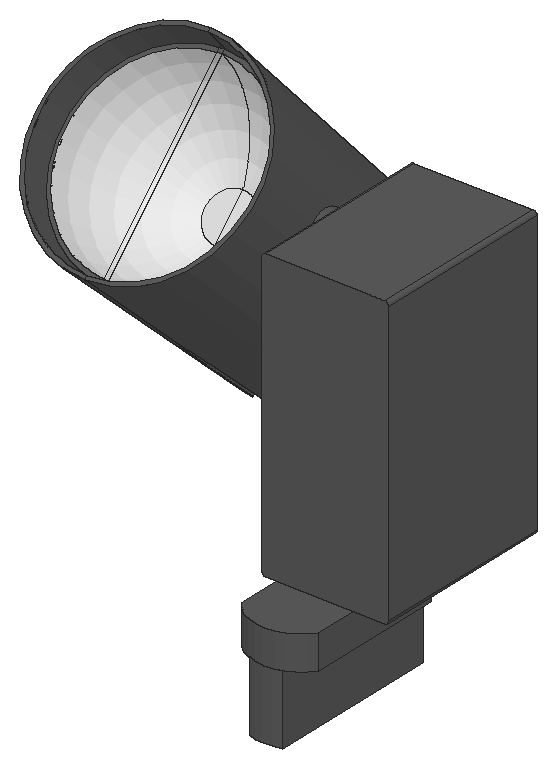
Revit family "0004947 Feilo Sylvania Lighting Fixture START TRACK SPOT S DALI 1359LM 940 MB BLK", category Lighting Fixtures, host Face, Revit 2017 (continued)
Definition of nested family "Start Track Spot Head"
  Types (96, lengths in mm): name | Wattage | built-in parameter 1150134 | Photometric Web File | Model | built-in parameter 1150105 | Lumens | built-in parameter 1150107 | built-in parameter 1150106 | HeadThickness_FEILO | HeadRibOffset_FEILO | HeadRibDepth_FEILO | HeadRibCutWidth_FEILO | HeadRibCutOffset_FEILO | HeadReflectorRadius_FEILO | HeadReflectorOffset_FEILO | HeadLEDRadius_FEILO | HeadHeight_FEILO | HeadDiffusorOffset_FEILO | HeadDiaOut_FEILO | HeadDiaIn_FEILO | HeadAxisFromTop_FEILO | Emit from Circle Diameter | built-in parameter 1150104 | Description | Apparent Load
    0004812 START TRACK SPOT S 14W 3K RA80 MB WHITE | 14 W | (empty or 0) | "0004812.ies" | "START TRACK SPOT S 14W 3K RA80 MB WHITE" | 120.32 (stored number, unit not read) | 1512 lm | 3000 (stored number, unit not read) | 1.2032 (stored number, unit not read) | 1.5 | 4.179 | 55.714 | 7.167 | 50.87 | 50.588 | 55.714 | 9.556 | 117 | 9.435 | 86 | 77.477 | 69.354 | 77.477 | 10.034 (stored number, unit not read) | "Integrated LED spotlight, Textured White - RAL9016, compact and minimalist design, ideal for retail applications, die-cast aluminium body, passive cooling heatsink. Beam angle: 36°, color temperature: 3000K , total system power: 14W, total fixture output: 1508 lm, LOR: 100%, colour rendering: Ra: 80 typical, LED Chromaticity: 3 step MacAdam ellipse, lifetime: >50000 hours at L70B50, energy class: A++, A+, A, IR/UV free light source without heat radiation, operating voltage: 220-240V / 50-60Hz, drive current: 350mA, electronic driver, non-dimmable, power factor: 0.92, electrical protection: Class II, Global Track 3 Phase adapter suitable for Global trac 3-circuit tracks, ingress protection rating: IP20, suitable for internal environment only, horizontal rotation: 355°, vertical tilt: 90°, dimensions: Ø86x140x200, weight: 0.940kg." | 14 VA
    0004811 START TRACK SPOT S 14W 3K RA80 NB WHITE | 14 W | (empty or 0) | "0004811.ies" | "START TRACK SPOT S 14W 3K RA80 NB WHITE" | 123.66 (stored number, unit not read) | 1554 lm | 3000 (stored number, unit not read) | 1.2366 (stored number, unit not read) | 1.5 | 4.179 | 55.714 | 7.167 | 50.87 | 50.588 | 55.714 | 9.556 | 117 | 9.435 | 86 | 77.477 | 69.354 | 77.477 | 10.312 (stored number, unit not read) | "Integrated LED spotlight, Textured White - RAL9016, compact and minimalist design, ideal for retail applications, die-cast aluminium body, passive cooling heatsink. Beam angle: 12°, color temperature: 3000K , total system power: 14W, total fixture output: 1551 lm, LOR: 100%, colour rendering: Ra: 80 typical, LED Chromaticity: 3 step MacAdam ellipse, lifetime: >50000 hours at L70B50, energy class: A++, A+, A, IR/UV free light source without heat radiation, operating voltage: 220-240V / 50-60Hz, drive current: 350mA, electronic driver, non-dimmable, power factor: 0.92, electrical protection: Class II, Global Track 3 Phase adapter suitable for Global trac 3-circuit tracks, ingress protection rating: IP20, suitable for internal environment only, horizontal rotation: 355°, vertical tilt: 90°, dimensions: Ø86x140x200, weight: 0.940kg." | 14 VA
  Reference planes
    plane 1 "Center (Front/Back)": y = 0
    plane 2: z = 0
    plane 3 "Center (Left/Right)": x = 0
    plane 4: x = 43
    plane 5: x = -43
    plane 6: x = -38.739
    plane 7: x = 38.739
    plane 8: z = 69.354
    plane 9: z = -47.646
    plane 10: x = -41.5
    plane 11: x = -37.239
    plane 12: z = -38.211
    plane 13: z = -35.211
    plane 14: z = 8.068
    plane 15: x = -9.556
    plane 16: x = -28.667
    plane 17: x = -19.111
    plane 18: x = -27.167
    plane 19: x = -17.611
    plane 20: x = -8.056
    plane 21: z = 13.64
    plane 22: x = -29.667
    plane 23: x = -26.167
    plane 24: x = -20.111
    plane 25: x = -16.611
    plane 26: x = -10.556
    plane 27: x = -7.056
    plane 28: x = -36.239
    plane 29: x = -40.5
    plane 30: z = 65.175
    plane 31: z = 60.997
    plane 32: z = 56.818
    plane 33: z = 18.484
    plane 34: y = -43
    plane 35: y = 43
    plane 36: y = 3.583
    plane 37: y = -3.583
    plane 38: y = -2.583
    plane 39: y = 2.583
    plane 40: y = 46
    plane 41: z = 13.5
    plane 42: z = -13.5
    plane 43: y = 39
    plane 44: x = 4.708
    plane 45: x = -2.458
    plane 46: x = -1.458
    plane 47: x = 1.458
  Forms (mm)
    Extrusion 1, solid
      sketch origin (4.2, 0, 0) x (1, 0, 0) y (0, 1, 0)
        loop
          line (-1219.2, 1219.2) -> (-1219.2, -1219.2) -> (1219.2, -1219.2) -> (1219.2, 1219.2) -> (-1219.2, 1219.2)
      from 0 to -68.017
    Revolve 2, solid, material <- "Material_1_FEILO", detail levels medium+fine
      sketch origin (0, 0, 0) x (1, 0, 0) y (0, 0, 1)
        loop
          line (-43, -47.646) -> (-41.5, -47.646) -> (-40.5, -35.211) -> (-38.739, -35.211)
          arc (-38.739, -35.211) -> (-30.16, -9.517) -> (-9.556, 8.068) r 50.588
          line (-9.556, 8.068) -> (0, 8.068) -> (0, 13.64) -> (-16.611, 13.64) -> (-17.611, 60.997) -> (-19.111, 60.997) -> (-20.111, 13.64) -> (-36.239, 13.64) -> (-37.239, 69.354) -> (-38.739, 69.354) -> (-43, -47.646)
        axis (0, 69.354) -> (0, -47.646)
      angle from 360 to 0
    Extrusion 3, void
      sketch origin (0, 0, 0) x (0, 1, 0) y (0, 0, 1)
        loop
          line (-3.583, 69.354) -> (-2.583, 18.484) -> (1.932, 18.484) -> (2.932, 69.354) -> (-3.583, 69.354)
      from 43 to -43
    Revolve 4, solid, material <- "Material_2_FEILO", detail levels medium+fine
      sketch origin (0, 0, 0) x (1, 0, 0) y (0, 0, 1)
        loop
          line (-41.5, -38.211) -> (0, -38.211) -> (0, -35.211) -> (-41.5, -35.211) -> (-41.5, -38.211)
        axis (0, -35.211) -> (0, -38.211)
      angle from 360 to 0
    Revolve 5, solid, material <- "Material_1_FEILO"
      sketch origin (0, 0, 0) x (0, 1, 0) y (0, 0, 1)
        loop
          line (46, 0) -> (39, 0) -> (39, -13.5) -> (46, -13.5) -> (46, 0)
        axis (39, 0) -> (46, 0)
      angle from 360 to 0
    Revolve 6, solid, material <- "Material_1_FEILO", detail levels medium+fine
      sketch origin (0, 0, 0) x (1, 0, 0) y (0, 0, 1)
        loop
          line (-29.667, 13.64) -> (-26.167, 13.64) -> (-27.167, 65.175) -> (-28.667, 65.175) -> (-29.667, 13.64)
        loop
          line (-10.556, 13.64) -> (-7.056, 13.64) -> (-7.833, 56.818) -> (-9.778, 56.818) -> (-10.556, 13.64)
        axis (0, 65.175) -> (0, 13.64)
      angle from 360 to 0
    Extrusion 7, void
      sketch origin (0, 0, 0) x (1, 0, 0) y (0, 0, 1)
        loop
          line (4.708, 69.354) -> (-2.458, 69.354) -> (-1.458, 13.64) -> (1.458, 13.64) -> (4.708, 69.354)
      from -43 to 43
    Revolve 8, solid, material <- "Material_1_FEILO", detail levels coarse
      sketch origin (0, 0, 0) x (1, 0, 0) y (0, 0, 1)
        loop
          line (0, 69.354) -> (-38.739, 69.354) -> (-43, -47.646) -> (-41.5, -47.646) -> (-40.731, -38.211) -> (0, -38.211) -> (0, 69.354)
        axis (0, 69.354) -> (0, -47.646)
      angle from 360 to 0
  Cuts and joins
    Extrusion 3 cuts Revolve 2
    Extrusion 7 cuts Revolve 6
  Dimensions and locks
    equal spacing: plane 7, plane 3 "Center (Left/Right)", plane 6
    equal spacing: plane 4, plane 3 "Center (Left/Right)", plane 5
    "HeadDiaOut_FEILO": plane 4 to plane 5
    "HeadDiaIn_FEILO": plane 7 to plane 6
    "HeadHeight_FEILO": plane 8 to plane 9
    "HeadThickness_FEILO": plane 10 to plane 5
    "HeadThickness_FEILO": plane 11 to plane 6
    "HeadDiffusorOffset_FEILO": plane 12 to plane 9
    "HeadDiffusorThickness_FEILO": plane 13 to plane 12
    "HeadReflectorOffset_FEILO": plane 14 to plane 9
    "HeadLEDRadius_FEILO": plane 3 "Center (Left/Right)" to plane 15
    "HeadLEDRadius_FEILO": plane 15 to plane 17
    "HeadLEDRadius_FEILO": plane 17 to plane 16
    "HeadThickness_FEILO": plane 18 to plane 16
    "HeadThickness_FEILO": plane 19 to plane 17
    "HeadThickness_FEILO": plane 20 to plane 15
    "HeadRibDepth_FEILO": plane 8 to plane 21
    "HeadDraft_FEILO": plane 16 to plane 22
    "HeadDraft_FEILO": plane 23 to plane 18
    "HeadDraft_FEILO": plane 17 to plane 24
    "HeadDraft_FEILO": plane 25 to plane 19
    "HeadDraft_FEILO": plane 15 to plane 26
    "HeadDraft_FEILO": plane 27 to plane 20
    "HeadDraft_FEILO": plane 29 to plane 10
    "HeadDraft_FEILO": plane 28 to plane 11
    "HeadRibOffset_FEILO": plane 8 to plane 30
    "HeadRibOffset_FEILO": plane 30 to plane 31
    "HeadRibOffset_FEILO": plane 31 to plane 32
    "HeadAxisFromTop_FEILO": plane 8 to plane 2
    "HeadRibCutOffset_FEILO": plane 8 to plane 33
    equal spacing: plane 34, plane 1 "Center (Front/Back)", plane 35
    "HeadDiaOut_FEILO": plane 34 to plane 35
    equal spacing: plane 38, plane 1 "Center (Front/Back)", plane 39
    equal spacing: plane 37, plane 1 "Center (Front/Back)", plane 36
    "HeadRibCutWidth_FEILO": plane 37 to plane 36
    "HeadDraft_FEILO": plane 37 to plane 38
    locked: plane 35 to plane 40 at 3
    equal spacing: plane 41, plane 2, plane 42
    locked: plane 42 to plane 41 at 27
    locked: plane 43 to plane 35 at 4
    equal spacing: plane 45, imposter light, plane 44
    "HeadDraft_FEILO": plane 46 to plane 45
    "HeadRibCutWidth_FEILO": plane 44 to plane 45
    equal spacing: plane 47, plane 3 "Center (Left/Right)", plane 46
    "HeadReflectorRadius_FEILO": radius of Revolve 2 sketch curve
    aligned and locked: plane 2 to Extrusion 1
    aligned and locked: level to Extrusion 1
    aligned and locked: Revolve 2 sketch curve to plane 3 "Center (Left/Right)"  (x2)
    aligned and locked: plane 9 to Revolve 2 sketch curve  (x2)
    aligned and locked: plane 5 to Revolve 2 sketch curve
    aligned and locked: plane 10 to Revolve 2 sketch curve
    aligned and locked: plane 14 to Revolve 2 sketch curve
    aligned and locked: plane 8 to Revolve 2 sketch curve
    aligned and locked: Revolve 2 sketch curve to plane 13
    aligned and locked: plane 12 to Revolve 4 sketch curve
    aligned and locked: plane 3 "Center (Left/Right)" to Revolve 4 sketch curve
    aligned and locked: Revolve 4 sketch curve to plane 10
    aligned and locked: Revolve 4 sketch curve to plane 3 "Center (Left/Right)"
    aligned and locked: plane 12 to imposter light
    aligned and locked: imposter light to plane 1 "Center (Front/Back)"
    aligned and locked: Revolve 5 sketch curve to plane 2
    aligned and locked: plane 43 to Revolve 5 sketch curve
    aligned and locked: plane 42 to Revolve 5 sketch curve
    aligned and locked: Revolve 6 sketch curve to plane 3 "Center (Left/Right)"
    aligned and locked: plane 22 to Revolve 6 sketch curve
    aligned and locked: plane 30 to Revolve 6 sketch curve
    aligned and locked: plane 23 to Revolve 6 sketch curve
    aligned and locked: Revolve 6 sketch curve to plane 21  (x2)
    aligned and locked: plane 21 to Revolve 6 sketch curve
    aligned and locked: plane 17 to Revolve 2 sketch curve
    aligned and locked: plane 19 to Revolve 2 sketch curve
    aligned and locked: plane 31 to Revolve 2 sketch curve
    aligned and locked: plane 21 to Revolve 2 sketch curve
    aligned and locked: Extrusion 3 to plane 8
    aligned and locked: plane 33 to Extrusion 3
    aligned and locked: plane 8 to Extrusion 3 sketch curve
    aligned and locked: Extrusion 3 sketch curve to plane 33
    aligned and locked: Extrusion 3 to plane 5
    aligned and locked: plane 4 to Extrusion 3
    aligned and locked: plane 32 to Revolve 6 sketch curve
    aligned and locked: plane 44 to Extrusion 7 sketch curve
    aligned and locked: Extrusion 7 sketch curve to plane 8
    aligned and locked: plane 46 to Extrusion 7 sketch curve
    aligned and locked: plane 21 to Extrusion 7 sketch curve
    aligned and locked: plane 34 to Extrusion 7
    aligned and locked: Extrusion 7 to plane 35
    aligned and locked: Revolve 4 sketch curve to plane 13
    aligned and locked: Revolve 5 sketch curve to plane 40
    aligned and locked: Revolve 8 sketch curve to plane 3 "Center (Left/Right)"
    aligned and locked: Revolve 8 sketch curve to cut or joined group of Revolve 2, Extrusion 3  (x3)
    aligned and locked: plane 5 to Revolve 8 sketch curve
    aligned and locked: plane 3 "Center (Left/Right)" to Revolve 8 sketch curve
    aligned and locked: plane 12 to Revolve 8 sketch curve
  Automatic sketch dimensions
    Extrusion 1 sketch curve to Extrusion 1 sketch curve = 2438.4 mm  (x2)
    Extrusion 3 sketch curve to plane 37 = 0 mm
    Extrusion 3 sketch curve to plane 38 = 0 mm
    plane 39 to Extrusion 3 sketch curve = 0.651 mm
    Extrusion 3 sketch curve to plane 39 = 0.349 mm
    Revolve 6 sketch curve to plane 16 = 0 mm
    Revolve 6 sketch curve to plane 18 = 0 mm
    Revolve 6 sketch curve to plane 26 = 0 mm
    Revolve 6 sketch curve to plane 27 = 0 mm
    Revolve 6 sketch curve to plane 15 = 0.222 mm
    plane 9 to Revolve 6 sketch curve = 559.103 mm
    Revolve 6 sketch curve to plane 8 = 2535.555 mm
    plane 20 to Revolve 6 sketch curve = 0.222 mm
    Revolve 2 sketch curve to plane 29 = 0 mm
    Revolve 2 sketch curve to plane 6 = 0 mm  (x2)
    Revolve 2 sketch curve to plane 11 = 0 mm
    Revolve 2 sketch curve to plane 21 = 0 mm
    Revolve 2 sketch curve to plane 28 = 0 mm
    Revolve 2 sketch curve to plane 24 = 0 mm
    Revolve 2 sketch curve to plane 25 = 0 mm
    Revolve 2 sketch curve to plane 15 = 0 mm
    Revolve 2 sketch curve to Revolve 2 sketch curve = 557.155 mm
    Revolve 2 sketch curve to plane 8 = 2535.558 mm
    Extrusion 7 sketch curve to plane 45 = 0 mm
    Extrusion 7 sketch curve to plane 47 = 0 mm
    plane 9 to Revolve 4 sketch curve = 559.103 mm
    Revolve 4 sketch curve to plane 8 = 2535.555 mm
    Revolve 5 sketch curve to level = 0 mm
    plane 34 to Revolve 5 sketch curve = 1968.092 mm
    Revolve 5 sketch curve to plane 40 = 1405.763 mm
    Revolve 8 sketch curve to plane 6 = 0 mm
    Revolve 8 sketch curve to plane 29 = 0.231 mm
    plane 9 to Revolve 8 sketch curve = 559.103 mm
    Revolve 8 sketch curve to Revolve 8 sketch curve = 2535.555 mm
Definition of nested family "Start Track Spot Box"
  Parameters (values of type "Type Large White")
    URL = "http://www.feilosylvania.com"
    Type Image = (empty or 0)
    Type Comments = "n/a"
    Small_FEILO = no
    Material_3_FEILO = none
    Model = ""
    Manufacturer = "Feilo Sylvania"
    Keynote = ""
    Material_2_FEILO = none
    Description = ""
    Default Elevation = 1219.2 mm
    Cost = 0
    Material_1_FEILO = none
    BoxWidth_FEILO = 49 mm
    BoxStartAngle_FEILO [instance] = 0.00°
    BoxRadius_FEILO = 1.5 mm
    BoxHeight_FEILO = if(Small_FEILO, 112 mm, 136 mm)  # 136 mm
    BoxEndAngle_FEILO [instance] = BoxStartAngle_FEILO - 180.00°  # -180.00°
    BoxDepth_FEILO = if(Small_FEILO, 71.5 mm, 79 mm)  # 79 mm
    BoxAxisVerticalOffset_FEILO = 16 mm
    BoxAxisOffset_FEILO = BoxHeight_FEILO / 6.8  # 20 mm
    Assembly Code = ""
    Material_4_FEILO = none
  Types (4, lengths in mm): name | Small_FEILO | BoxHeight_FEILO | BoxDepth_FEILO | BoxAxisOffset_FEILO
    Type Large White | no | 136 | 79 | 20
    Type Small White | yes | 112 | 71.5 | 16.471
    Type Small Black | yes | 112 | 71.5 | 16.471
    Type Large Black | no | 136 | 79 | 20
  Reference planes
    plane 1 "Center (Front/Back)": y = 0
    plane 2: z = 0
    plane 3 "Center (Left/Right)": x = 0
    plane 4: x = 24.5
    plane 5: x = -24.5
    plane 6: y = 68
    plane 7: y = -68
    plane 8: z = 39.5
    plane 9: z = -39.5
    plane 10: y = -48
    plane 11: x = 30.5
    plane 12: x = 8.5
    plane 13: x = 21.5
    plane 14: y = 70
    plane 15: y = 72
    plane 16: x = 19.5
  Forms (mm)
    Extrusion 1, solid
      sketch origin (4.2, 0, 0) x (1, 0, 0) y (0, 1, 0)
        loop
          line (-1219.2, 1219.2) -> (-1219.2, -1219.2) -> (1219.2, -1219.2) -> (1219.2, 1219.2) -> (-1219.2, 1219.2)
      from 0 to -68.017
    Extrusion 2, solid, material <- "Material_1_FEILO"
      sketch origin (0, 0, 0) x (1, 0, 0) y (0, 1, 0)
        loop
          arc (-23, 68) -> (-24.061, 67.561) -> (-24.5, 66.5) r 1.5
          line (-24.5, 66.5) -> (-24.5, -66.5)
          arc (-24.5, -66.5) -> (-24.061, -67.561) -> (-23, -68) r 1.5
          line (-23, -68) -> (23, -68)
          arc (23, -68) -> (24.061, -67.561) -> (24.5, -66.5) r 1.5
          line (24.5, -66.5) -> (24.5, 66.5)
          arc (24.5, 66.5) -> (24.061, 67.561) -> (23, 68) r 1.5
          line (23, 68) -> (-23, 68)
      from -39.5 to 39.5
    Revolve 3, solid, not visible
      sketch origin (0, 0, 0) x (1, 0, 0) y (0, 1, 0)
        loop
          line (30.5, -48) -> (24.5, -48) -> (24.5, -68) -> (30.5, -68) -> (30.5, -48)
        axis (30.5, -48) -> (24.5, -48)
      angle from 0 <- "BoxStartAngle_FEILO" to -180 <- "BoxEndAngle_FEILO"
    Revolve 4, solid, material <- "Material_2_FEILO"
      sketch origin (0, 0, 0) x (1, 0, 0) y (0, 1, 0)
        loop
          line (8.5, 68) -> (19.5, 68) -> (19.5, 70) -> (21.5, 70) -> (21.5, 72) -> (8.5, 72) -> (8.5, 68)
        axis (8.5, 72) -> (8.5, 68)
      angle from 360 to 0
  Dimensions and locks
    equal spacing: plane 5, plane 3 "Center (Left/Right)", plane 4
    "BoxWidth_FEILO": plane 5 to plane 4
    equal spacing: plane 7, plane 1 "Center (Front/Back)", plane 6
    "BoxHeight_FEILO": plane 7 to plane 6
    equal spacing: plane 8, plane 2, plane 9
    "BoxDepth_FEILO": plane 8 to plane 9
    "BoxAxisOffset_FEILO": plane 7 to plane 10
    locked: plane 4 to plane 11 at 6
    "BoxAxisVerticalOffset_FEILO": plane 12 to plane 4
    locked: plane 12 to plane 13 at 13
    plane 6 to plane 14 to plane 15 = 2 mm locked, 2 mm locked
    locked: plane 12 to plane 16 at 11
    "BoxRadius_FEILO": radius of Extrusion 2 sketch curve  (x4)
    aligned and locked: plane 2 to Extrusion 1
    aligned and locked: level to Extrusion 1
    aligned and locked: plane 6 to Extrusion 2 sketch curve
    aligned and locked: plane 5 to Extrusion 2 sketch curve
    aligned and locked: Extrusion 2 sketch curve to plane 7
    aligned and locked: Extrusion 2 sketch curve to plane 4
    aligned and locked: Extrusion 2 to plane 8
    aligned and locked: plane 9 to Extrusion 2
    aligned and locked: Revolve 3 sketch curve to plane 10  (x2)
    aligned and locked: plane 11 to Revolve 3 sketch curve
    aligned and locked: Revolve 3 sketch curve to plane 4
    aligned and locked: plane 7 to Revolve 3 sketch curve
    aligned and locked: Revolve 4 sketch curve to plane 12
    aligned and locked: plane 6 to Revolve 4 sketch curve
    aligned and locked: plane 12 to Revolve 4 sketch curve
    aligned and locked: plane 15 to Revolve 4 sketch curve
    aligned and locked: Revolve 4 sketch curve to plane 13
    aligned and locked: Revolve 4 sketch curve to plane 14
    aligned and locked: Revolve 4 sketch curve to plane 16
    aligned and locked: Revolve 4 sketch curve to plane 6
  Automatic sketch dimensions
    Extrusion 1 sketch curve to Extrusion 1 sketch curve = 2438.4 mm  (x2)
    Revolve 3 sketch curve to plane 5 = 1499.5 mm
    plane 11 to Revolve 3 sketch curve = 1493.5 mm
    plane 15 to Revolve 4 sketch curve = 0 mm
    plane 7 to Revolve 4 sketch curve = 1456 mm
    Revolve 4 sketch curve to plane 15 = 1452 mm
